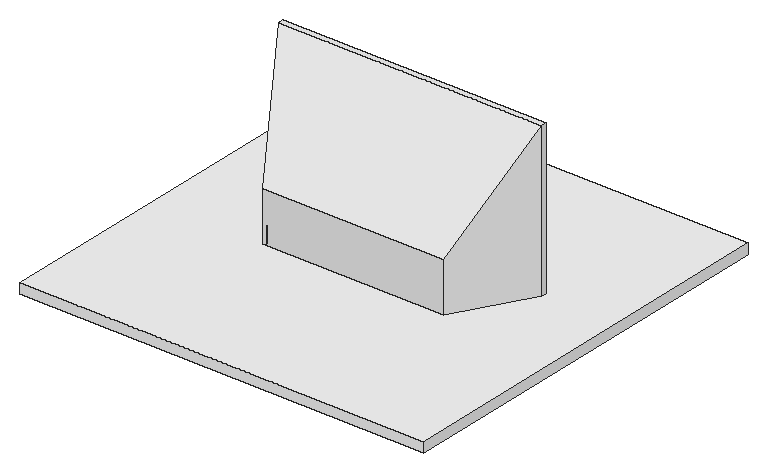
Revit family "BE_50200.1_de_DE", category Leuchten, Revit 2015
Parameters (values of type "BEGA_50200.1_K4")
  built-in parameter 1150104 = 11.882 (stored number, unit not read)
  Wattage = 16.5 W
  Default Elevation = 0 mm
  built-in parameter 1150113 = 1 (stored number, unit not read)
  built-in parameter 1114218 = 1 (stored number, unit not read)
  Umgebungstemperatur = "25 °C"
  URL = "http://www.bega.de/produkt/50200.1"
  Typenkommentare = "© 2017 BEGA. Wir behalten uns das Recht vor, technische Änderungen ohne vorherige Ankündigung vorzunehmen."  # constant formula
  built-in parameter 1150134 = 12
  built-in parameter 1150109 = 1 (stored number, unit not read)
  Strom = ""
  built-in parameter 1150110 = 1 (stored number, unit not read)
  Spannung = 239.996 V
  Sonderanfertigung = no
  Seriennummer [instance] = "Hier können Sie die eindeutige Seriennummer für das Facility Management eintragen."
  Schutzklasse = "I"
  Schutzart = "IP 65"
  Scheinlast = 0 VA
  Produktdatenblatt = "http://www.bega.de/download/Xrfa/db/50200.1.db.de.pdf"
  Oberflächentemperatur = ""
  Neigungswinkel = 0.00°
  Modell = "50200.1K4"
  Material_17 = BEGA_Reflektor
  Material_15 = BEGA_Leuchtmedium_matt
  Material_11 = BEGA_Glas_opal
  Material_09 = BEGA_Glas_klar
  Material_06 = BEGA_Oberfläche_Edelstahl_gebürstet
  Material_05 = BEGA_Oberfläche_Aluminium Guss
  Material_03 = BEGA_Oberfläche_Weiss_matt
  Material_02 = BEGA_Oberfläche_Silber_matt
  Material_01 [instance] = BEGA_Oberfläche_Grafit_matt
  M_W = no
  M_G = no
  M_A = no
  Logo = 0
  built-in parameter 1114217 = 1 (stored number, unit not read)
  built-in parameter 1150139 = (empty or 0)
  built-in parameter 1150105 = 167.94 (stored number, unit not read)
  built-in parameter 1150114 = 1 (stored number, unit not read)
  Lumens = 2110.35 lm
  built-in parameter 1150115 = 1 (stored number, unit not read)
  Leuchtenlichtstrom = "1784 lm"
  Leuchtenanzahl = ""
  Lebensdauerkriterien = "L70B50 @ 25 °C = 220000 h"
  Lastklassifizierung = Beleuchtung
  built-in parameter 1150112 = 1 (stored number, unit not read)
  Lampenlichtstrom = "2110 lm"
  Lampe = "LED 16.5 W"
  LED_Modulbezeichnung = "LED-0590/940 "
  Hersteller = "BEGA"  # constant formula
  Halbstreuwinkel = ""
  Gewicht = "1.7 kg"
  Gebrauchslageneinschränkung [instance] = ""
  Frequenz = "0/50-60 Hz"
  Farbwiedergabeindex = "Ra > 90"
  Farbtemperaturverschiebung bei Dämpfen der Lampe = <Keine Auswahl>
  Farbtemperatur = "4000 K"
  Color Filter = 16777215
  built-in parameter 1150133 = 10 (stored number, unit not read)
  Energieeffizienzklasse = "LED A++ - A"
  built-in parameter 1150137 = (empty or 0)
  built-in parameter 1150132 = (empty or 0)
  ENEC = ""
  Dimmbar [instance] = "DALI"
  Datei für fotometrisches Netz = "BE_50200K4.IES"
  CE_Konformität = "ja"
  Bestellnummer = "50200.1K4"
  Beschreibung_Sonderanfertigung = "Hier können Sie Informationen zur Sonderanfertigung eintragen."
  Beschreibung = "Wandfluter"
  built-in parameter 1150106 = 1.6794 (stored number, unit not read)
  Befestigungsbohrung = "Ø 4,5 mm"
  Befestigungsabstand = "190 mm"
  Ballwurfsicher = ""
  BEGA_Intern_aus = yes
  BEGA_Intern_an = yes
  BEGA_Intern_Konstruktion = yes
  BEGA_Intern = yes
  BEGA_IES = yes
  BEGA_Dummy = no
  Anschlussleitung = ""
  Anschlussleistung [instance] = "19.4 W"
  Anschlusskasten = ""
  built-in parameter 1150107 = 4000 (stored number, unit not read)
  built-in parameter 1150102 = (empty or 0)
  built-in parameter 1150138 = (empty or 0)
  Aktualisierung = "2017-07-18T04:09:01"
  Abstand_zur_angestrahlten_Fläche [instance] = ""
  AC/DC = "AC/DC"
Types (2, lengths in mm): name | built-in parameter 1150104 | built-in parameter 1150134 | Modell | built-in parameter 1150105 | Lumens | Leuchtenlichtstrom | Lampenlichtstrom | LED_Modulbezeichnung | Farbtemperatur | Datei für fotometrisches Netz | Bestellnummer | built-in parameter 1150106 | built-in parameter 1150107
  BEGA_50200.1_K4 | 11.882 (stored number, unit not read) | 12 | "50200.1K4" | 167.94 (stored number, unit not read) | 2110.35 lm | "1784 lm" | "2110 lm" | "LED-0590/940 " | "4000 K" | "BE_50200K4.IES" | "50200.1K4" | 1.6794 (stored number, unit not read) | 4000 (stored number, unit not read)
  BEGA_50200.1_K3 | 11.483 (stored number, unit not read) | (empty or 0) | "50200.1" | 162.29 (stored number, unit not read) | 2039.4 lm | "1725 lm" | "2040 lm" | "LED-0590/930 " | "3000 K" | "BE_50200.IES" | "50200.1" | 1.6229 (stored number, unit not read) | 3000 (stored number, unit not read)
Reference planes
  plane 1 "Mitte (Vorne/Hinten)": y = 0
  plane 2: z = 0
  plane 3 "Mitte (Links/Rechts)": x = 0
  plane 4 "Links": x = -129.913
  plane 5 "Rechts": x = 129.913
  plane 6 "Unten": y = -38
  plane 7 "Oben": y = 39.8
  plane 8 "Vorne": z = 152.913
  plane 9 "Hinten": z = 0
Forms (mm)
  Extrusion 1, solid, material "BEGA_Platte_Weiss"
    sketch origin (0, -1119.2, 0) x (1, 0, 0) y (0, 1, 0)
      loop
        line (-200, 1319.2) -> (-200, 919.2) -> (200, 919.2) -> (200, 1319.2) -> (-200, 1319.2)
    from 0 to -10
  Extrusion 2, solid, material "BEGA_Dummy_matt", visible <- "BEGA_Dummy"
    sketch origin (80.095, -76.023, 0) x (1, 0, 0) y (0, 1, 0)
      loop
        line (-210.008, 115.823) -> (-210.008, 38.023) -> (49.817, 38.023) -> (49.817, 115.823) -> (-210.008, 115.823)
    from 0 to 152.913
Dimensions and locks
  plane 1 "Mitte (Vorne/Hinten)" to Extrusion 1 = 200 mm
  aligned and locked: plane 2 to Extrusion 1
  aligned and locked: level to Extrusion 1
Nested families
  nested 1: "BE_50200.1" at (0, 0, 0), type "BE_50200.1"
Connectors
  electrical at (0, 0, 0), driven by "Lastklassifizierung", driven by "Spannung", driven by "Scheinlast"
    settings: index 1, voltage 239.996 V, apparent load 0 VA, apparent load phase1 0 VA, apparent load phase2 0 VA, apparent load phase3 0 VA, power factor 1, load classification "Beleuchtung", number of poles 1, system type 31, power factor state 1, is connector primary yes, connector utility no, sub classification motor no, connector description ""
Definition of nested family "BE_50200.1"
  Parameters (values of type "BE_50200.1")
    Default Elevation = 1 mm
    URL = "http://www.bega.de/de/produkt"
    Type Comments = "© 2015 BEGA. Wir behalten uns das Recht vor, technische Änderungen ohne vorherige Ankündigung vorzunehmen. "  # constant formula
    Type Image = (empty or 0)
    Neigungswinkel_um_Z2 = 0.00°
    Neigungswinkel_um_Z1 = 0.00°
    Neigungswinkel_um_Y2 = 0.00°
    Neigungswinkel_um_Y1 = 0.00°
    Neigungswinkel_um_X2 = 0.00°
    Neigungswinkel_um_X1 = 0.00°
    Material_17 = none
    Material_15 = none
    Material_11 = none
    Material_09 = none
    Material_06 = none
    Material_05 = none
    Material_03 = none
    Material_02 = none
    Material_01 = none
    M_W = yes
    M_G = yes
    M_A = yes
    Länge_Platte = 400 mm  # constant formula
    Höhe_Platte = -10 mm  # constant formula
    Manufacturer = "BEGA"  # constant formula
    Drehwinkel_um_Z2 = 0.00°
    Drehwinkel_um_Z1 = 0.00°
    Breite_Platte = 200 mm  # constant formula
  Reference planes
    plane 1 "Mitte (Oben/Unten)": y = 0
    plane 2: z = 0
    plane 3 "Mitte (Links/Rechts)": x = 0
    plane 4: x = -129.913
    plane 5: x = 129.913
    plane 6: z = 152.913
    plane 7: y = -38
    plane 8: y = 39.8
  Forms (mm)
    Extrusion 1, solid, detail levels medium
      sketch origin (0, 0, 0) x (1, 0, 0) y (0, 1, 0)
        loop
          line (-200, 100) -> (-200, -100) -> (200, -100) -> (200, 100) -> (-200, 100)
      from 0 to -10 <- "Höhe_Platte"
    Extrusion 2, solid, material <- "Material_03", detail levels medium+fine
      sketch origin (0, 0, 0) x (0, 1, 0) y (0, 0, 1)
        loop
          line (-38, 2) -> (38, 2) -> (38, 152.913) -> (33.061, 152.913) -> (-38, 50.56) -> (-38, 2)
      from -129.913 to 129.913
    Extrusion 3, void
      sketch origin (0, 0, 0) x (1, 0, 0) y (0, 1, 0)
        loop
          line (-133.346, 39.188) -> (-133.346, -41.243) -> (-87.586, -41.243) -> (-133.346, 39.188)
        loop
          line (133.346, 39.188) -> (87.586, -41.243) -> (133.346, -41.243) -> (133.346, 39.188)
      from 0 to 155.937
    Blend 4, void
      base sketch origin (0, -36.301, 2) x (0, -1, 0) y (1, 0, 0)
        loop
          line (-0.439, -79.142) -> (-0.439, 79.142) -> (-70.439, 118.968) -> (-70.439, -118.968) -> (-0.439, -79.142)
      top sketch origin (0, 35.5, 152.913) x (0, -1, 0) y (1, 0, 0)
        loop
          line (9.992, -117.578) -> (9.992, 117.578) -> (1.362, 117.578) -> (1.362, -117.578) -> (9.992, -117.578)
      from 0 to -12.516
    Extrusion 5, solid, material <- "Material_03", detail levels medium+fine
      sketch origin (0, 0, 0) x (1, 0, 0) y (0, 1, 0)
        loop
          line (-85.604, -33.242) -> (85.604, -33.242) -> (122.064, 30.842) -> (-122.064, 30.842) -> (-85.604, -33.242)
        loop
          line (-84.092, -30.642) -> (84.092, -30.642) -> (117.593, 28.242) -> (-117.593, 28.242) -> (-84.092, -30.642)
      from 0 to 36.849
    Extrusion 6, solid, material <- "Material_03", detail levels medium+fine
      sketch origin (0, 0, 0) x (1, 0, 0) y (0, 1, 0)
        loop
          line (-87.084, -30.642) -> (84.092, -30.642) -> (117.593, 28.242) -> (-120.584, 28.242) -> (-87.084, -30.642)
      from 8 to 11
    Extrusion 7, void
      sketch origin (0, 0, 0) x (0, 1, 0) y (0, 0, 1)
        loop
          line (32.601, 151) -> (32.601, 40.129) -> (38.951, 40.129) -> (38.951, 151) -> (32.601, 151)
      from -127.703 to 127.391
    Extrusion 8, solid, material <- "Material_17", detail levels medium+fine
      sketch origin (0, 0, 0) x (0, 1, 0) y (0, 0, 1)
        loop
          line (33.8, 53.994) -> (18.318, 59.631) -> (33.6, 138.286) -> (33.6, 145.996) -> (32.778, 145.996) -> (32.778, 137.967) -> (17.453, 59.147) -> (33, 53.489) -> (33, 45.695) -> (33.8, 45.695) -> (33.8, 53.994)
      from -117.578 to 117.578
    Extrusion 9, solid, material <- "Material_15", detail levels medium+fine
      sketch origin (0, 0, 0) x (1, 0, 0) y (0, 0, 1)
        loop
          line (27.973, 90.445) -> (27.973, 101.445) -> (-28.08, 101.445) -> (-28.08, 90.445) -> (27.973, 90.445)
      from -10.824 to -9.8
    Extrusion 10, solid, material <- "Material_09", detail levels medium+fine
      sketch origin (0, 0, 0) x (0, 1, 0) y (0, 0, 1)
        loop
          line (33.8, 40.129) -> (39.8, 40.129) -> (39.8, 150.85) -> (33.8, 150.85) -> (33.8, 40.129)
      from -127.703 to 127.391
    Extrusion 11, solid, material <- "Material_03", detail levels medium+fine
      sketch origin (0, 0, 0) x (0, 1, 0) y (0, 0, 1)
        loop
          line (33.8, 45.695) -> (29.088, 45.695) -> (29.088, 35.573) -> (33.8, 35.573) -> (33.8, 45.695)
      from -127.517 to 127.391
    Extrusion 12, void
      sketch origin (0, 0, 0) x (1, 0, 0) y (0, 1, 0)
        loop
          circle (-95, -4.4) r 2.75
        loop
          circle (95, -4.4) r 2.75
        loop
          circle (-70, 13.6) r 8.5
        loop
          circle (-70, -13.4) r 8.5
      from 0 to 15
    Extrusion 13, void
      sketch origin (0, -36.301, 2) x (0, -1, 0) y (1, 0, 0)
        loop
          line (-0.425, 78.067) -> (-0.425, 86.66) -> (-70.439, 126.494) -> (-70.439, 117.901) -> (-0.425, 78.067)
      from 0 to 22.216
    Extrusion 14, void
      sketch origin (0, -36.301, 2) x (0, -1, 0) y (1, 0, 0)
        loop
          line (-0.425, -78.067) -> (-70.439, -117.901) -> (-70.439, -126.494) -> (-0.425, -86.66) -> (-0.425, -78.067)
      from 0 to 22.216
    Extrusion 15, void
      sketch origin (0, 0, 0) x (1, 0, 0) y (0, 0, 1)
        loop
          line (-100.787, 28.5) -> (-100.787, 26.5)
          arc (-100.787, 26.5) -> (-97.613, 23.326) -> (-94.438, 26.5) r 3.174
          line (-94.438, 26.5) -> (-94.438, 28.5)
          arc (-94.438, 28.5) -> (-97.613, 31.674) -> (-100.787, 28.5) r 3.174
        loop
          arc (100.787, 28.5) -> (97.613, 31.674) -> (94.438, 28.5) r 3.174
          line (94.438, 28.5) -> (94.438, 26.5)
          arc (94.438, 26.5) -> (97.613, 23.326) -> (100.787, 26.5) r 3.174
          line (100.787, 26.5) -> (100.787, 28.5)
      from -38.951 to -27.699
    Extrusion 16, solid, material <- "Material_17", detail levels medium+fine
      sketch origin (2.039, 8.542, 0) x (0.996778, 0.080212, 0) y (-0.080212, 0.996778, 0)
        loop
          line (-9.666, 6.894) -> (-117.275, 34.79) -> (-117.522, 33.837) -> (-9.904, 5.94) -> (-9.666, 6.894)
      from 52.545 to 138.286
    Extrusion 17, solid, material <- "Material_17", detail levels medium+fine
      sketch origin (-2.039, 8.542, 0) x (-0.996778, 0.080212, 0) y (-0.080212, -0.996778, 0)
        loop
          line (-9.666, -6.894) -> (-9.904, -5.94) -> (-117.476, -33.825) -> (-117.229, -34.778) -> (-9.666, -6.894)
      from 52.545 to 138.286
    Extrusion 18, solid, material <- "Material_17", detail levels medium+fine
      sketch origin (-2.039, 8.542, 0) x (-0.996778, 0.080212, 0) y (-0.080212, -0.996778, 0)
        loop
          line (-9.666, -6.894) -> (-9.904, -5.94) -> (-117.522, -33.837) -> (-117.275, -34.79) -> (-9.666, -6.894)
      from 52.545 to 138.286
    Extrusion 19, void
      sketch origin (0, 0, 0) x (0, 1, 0) y (0, 0, 1)
        loop
          line (18.092, 58.592) -> (31.76, 53.618) -> (31.76, 55.33) -> (18.56, 59.876) -> (18.092, 58.592)
      from -28.08 to 27.973
    Extrusion 20, solid, material <- "Material_15", detail levels medium+fine
      sketch origin (0, 0, 0) x (0, 1, 0) y (0, 0, 1)
        loop
          line (18.345, 58.522) -> (18.032, 57.663) -> (30.343, 53.424) -> (30.655, 54.283) -> (18.345, 58.522)
      from -27.678 to 27.575
    Extrusion 21, void
      sketch origin (0, 0, 0) x (0, 1, 0) y (0, 0, 1)
        loop
          line (26.389, 140.604) -> (11.162, 140.604) -> (11.162, 118.67) -> (26.389, 140.604)
      from -94.438 to 122.064
  Cuts and joins
    Extrusion 3, Blend 4, Extrusion 7, Extrusion 13, Extrusion 14, Extrusion 15 cuts Extrusion 2
    Extrusion 14, Extrusion 15, Extrusion 21 cuts Extrusion 11
    joined: Extrusion 2, Extrusion 11
    Extrusion 12, Extrusion 14, Extrusion 15 cuts Extrusion 5
    Extrusion 12, Extrusion 15 cuts Extrusion 6
    joined: Extrusion 5, Extrusion 6
    Extrusion 3, Extrusion 12, Extrusion 19, Extrusion 21 cuts Extrusion 8
    Extrusion 21 cuts Extrusion 16
    Extrusion 21 cuts Extrusion 17
    Extrusion 21 cuts Extrusion 18
    joined: Extrusion 8, Extrusion 16, Extrusion 17, Extrusion 18
  Dimensions and locks
    equal spacing: Extrusion 1 sketch curve, plane 3 "Mitte (Links/Rechts)", Extrusion 1 sketch curve
    equal spacing: Extrusion 1 sketch curve, plane 1 "Mitte (Oben/Unten)", Extrusion 1 sketch curve
    "Länge_Platte": Extrusion 1 sketch curve to Extrusion 1 sketch curve
    "Breite_Platte": Extrusion 1 sketch curve to Extrusion 1 sketch curve
    aligned and locked: plane 2 to Extrusion 1
    aligned and locked: level to Extrusion 1
  Automatic sketch dimensions
    Extrusion 2 sketch curve to plane 7 = 0 mm
    Extrusion 2 sketch curve to plane 6 = 0 mm
    Extrusion 2 sketch curve to plane 8 = 6.739 mm
    Extrusion 2 sketch curve to plane 8 = 1.8 mm
    level to Extrusion 2 sketch curve = 50.56 mm
    level to Extrusion 2 sketch curve = 2 mm
    Extrusion 3 sketch curve to plane 4 = 3.433 mm
    Extrusion 3 sketch curve to plane 7 = 3.243 mm  (x2)
    plane 4 to Extrusion 3 sketch curve = 42.327 mm
    plane 5 to Extrusion 3 sketch curve = 42.327 mm
    Extrusion 3 sketch curve to plane 5 = 3.433 mm
    Extrusion 3 sketch curve to plane 8 = 0.612 mm  (x2)
    Extrusion 2 to Blend 4 sketch curve = 3.862 mm
    Blend 4 sketch curve to Extrusion 2 = 2.138 mm
    Blend 4 sketch curve to Extrusion 2 = 10.945 mm  (x2)
    Blend 4 sketch curve to Extrusion 2 = 50.77 mm  (x2)
    Blend 4 sketch curve to Extrusion 2 = 1.077 mm
    Extrusion 2 to Blend 4 sketch curve = 7.553 mm
    Extrusion 2 to Blend 4 sketch curve = 12.335 mm  (x2)
    plane 4 to Extrusion 5 sketch curve = 7.849 mm
    Extrusion 5 sketch curve to Extrusion 5 sketch curve = 4.471 mm  (x2)
    plane 7 to Extrusion 5 sketch curve = 4.758 mm
    plane 4 to Extrusion 5 sketch curve = 44.308 mm
    Extrusion 5 sketch curve to Extrusion 5 sketch curve = 1.512 mm  (x2)
    plane 7 to Extrusion 5 sketch curve = 7.358 mm
    plane 5 to Extrusion 5 sketch curve = 45.82 mm
    plane 5 to Extrusion 5 sketch curve = 12.32 mm
    Extrusion 5 sketch curve to plane 8 = 11.558 mm
    Extrusion 5 sketch curve to Extrusion 5 sketch curve = 2.6 mm
    plane 4 to Extrusion 6 sketch curve = 9.328 mm
    plane 7 to Extrusion 6 sketch curve = 7.358 mm
    plane 4 to Extrusion 6 sketch curve = 42.829 mm
    plane 5 to Extrusion 6 sketch curve = 45.82 mm
    plane 5 to Extrusion 6 sketch curve = 12.32 mm
    Extrusion 6 sketch curve to plane 8 = 11.558 mm
    Extrusion 7 sketch curve to plane 8 = 7.199 mm
    Extrusion 7 sketch curve to plane 8 = 0.849 mm
    level to Extrusion 7 sketch curve = 40.129 mm
    Extrusion 7 sketch curve to plane 6 = 1.913 mm
    Extrusion 8 sketch curve to plane 1 "Mitte (Oben/Unten)" = 17.453 mm
    Extrusion 8 sketch curve to Extrusion 8 sketch curve = 0.865 mm
    Extrusion 8 sketch curve to plane 8 = 7.022 mm
    Extrusion 8 sketch curve to plane 8 = 6.8 mm
    Extrusion 8 sketch curve to Extrusion 8 sketch curve = 0.822 mm
    Extrusion 8 sketch curve to Extrusion 8 sketch curve = 0.8 mm
    level to Extrusion 8 sketch curve = 45.695 mm
    Extrusion 8 sketch curve to Extrusion 8 sketch curve = 7.793 mm
    Extrusion 8 sketch curve to Extrusion 8 sketch curve = 0.506 mm
    Extrusion 8 sketch curve to Extrusion 8 sketch curve = 5.659 mm
    Extrusion 8 sketch curve to Extrusion 8 sketch curve = 0.483 mm
    Extrusion 8 sketch curve to plane 6 = 14.946 mm
    Extrusion 8 sketch curve to Extrusion 8 sketch curve = 0.319 mm
    Extrusion 8 sketch curve to plane 6 = 6.917 mm
    Extrusion 9 sketch curve to plane 3 "Mitte (Links/Rechts)" = 28.08 mm
    plane 3 "Mitte (Links/Rechts)" to Extrusion 9 sketch curve = 27.973 mm
    Extrusion 9 sketch curve to plane 6 = 62.467 mm
    Extrusion 9 sketch curve to Extrusion 9 sketch curve = 11 mm
    Extrusion 10 sketch curve to plane 8 = 0 mm
    Extrusion 10 sketch curve to Extrusion 10 sketch curve = 6 mm
    level to Extrusion 10 sketch curve = 40.129 mm
    Extrusion 10 sketch curve to plane 6 = 2.063 mm
    Extrusion 11 sketch curve to plane 8 = 10.712 mm
    Extrusion 11 sketch curve to Extrusion 11 sketch curve = 4.712 mm
    level to Extrusion 11 sketch curve = 35.573 mm
    Extrusion 11 sketch curve to Extrusion 11 sketch curve = 10.122 mm
    plane 1 "Mitte (Oben/Unten)" to Extrusion 12 sketch curve = 4.4 mm  (x2)
    plane 4 to Extrusion 12 sketch curve = 34.913 mm
    Extrusion 12 sketch curve to plane 1 "Mitte (Oben/Unten)" = 13.6 mm
    Extrusion 12 sketch curve to Extrusion 12 sketch curve = 25 mm  (x2)
    plane 5 to Extrusion 12 sketch curve = 34.913 mm
    plane 1 "Mitte (Oben/Unten)" to Extrusion 12 sketch curve = 13.4 mm
    Extrusion 2 to Extrusion 13 sketch curve = 3.862 mm
    Extrusion 13 sketch curve to Extrusion 2 = 2.123 mm
    Extrusion 13 sketch curve to Extrusion 2 = 51.846 mm
    Extrusion 13 sketch curve to Extrusion 13 sketch curve = 8.593 mm
    Extrusion 13 sketch curve to Extrusion 2 = 12.012 mm
    Extrusion 13 sketch curve to Extrusion 2 = 3.419 mm
    Extrusion 2 to Extrusion 14 sketch curve = 3.862 mm
    Extrusion 14 sketch curve to Extrusion 2 = 2.123 mm
    Extrusion 14 sketch curve to Extrusion 2 = 3.419 mm
    Extrusion 14 sketch curve to Extrusion 14 sketch curve = 8.593 mm  (x2)
    Extrusion 14 sketch curve to Extrusion 2 = 43.253 mm
    plane 4 to Extrusion 15 sketch curve = 29.126 mm
    Extrusion 15 sketch curve to Extrusion 15 sketch curve = 3.174 mm  (x2)
    plane 5 to Extrusion 15 sketch curve = 35.474 mm
    level to Extrusion 15 sketch curve = 26.5 mm  (x2)
    Extrusion 15 sketch curve to Extrusion 15 sketch curve = 2 mm  (x2)
    Extrusion 16 sketch curve to plane 8 = 6.957 mm
    plane 4 to Extrusion 16 sketch curve = 12.095 mm
    Extrusion 16 sketch curve to Extrusion 16 sketch curve = 0.247 mm
    Extrusion 16 sketch curve to Extrusion 16 sketch curve = 107.618 mm
    Extrusion 16 sketch curve to Extrusion 16 sketch curve = 0.238 mm
    Extrusion 16 sketch curve to Extrusion 16 sketch curve = 26.943 mm
    plane 8 to Extrusion 17 sketch curve = 6.965 mm
    Extrusion 17 sketch curve to plane 5 = 12.142 mm
    Extrusion 17 sketch curve to Extrusion 17 sketch curve = 0.247 mm
    Extrusion 17 sketch curve to Extrusion 17 sketch curve = 107.572 mm
    Extrusion 17 sketch curve to Extrusion 17 sketch curve = 0.238 mm
    Extrusion 17 sketch curve to Extrusion 17 sketch curve = 26.931 mm
    plane 8 to Extrusion 18 sketch curve = 6.957 mm
    Extrusion 18 sketch curve to plane 5 = 12.095 mm
    Extrusion 18 sketch curve to Extrusion 18 sketch curve = 0.247 mm
    Extrusion 18 sketch curve to Extrusion 18 sketch curve = 107.618 mm
    Extrusion 18 sketch curve to Extrusion 18 sketch curve = 0.238 mm
    Extrusion 18 sketch curve to Extrusion 18 sketch curve = 26.943 mm
    Extrusion 19 sketch curve to plane 1 "Mitte (Oben/Unten)" = 18.092 mm
    Extrusion 19 sketch curve to Extrusion 19 sketch curve = 0.467 mm
    Extrusion 19 sketch curve to plane 8 = 8.04 mm
    level to Extrusion 19 sketch curve = 53.618 mm
    Extrusion 19 sketch curve to Extrusion 19 sketch curve = 1.713 mm
    Extrusion 19 sketch curve to Extrusion 19 sketch curve = 3.262 mm
    level to Extrusion 20 sketch curve = 58.522 mm
    Extrusion 20 sketch curve to Extrusion 20 sketch curve = 0.313 mm  (x2)
    Extrusion 20 sketch curve to Extrusion 20 sketch curve = 12.311 mm
    Extrusion 20 sketch curve to plane 8 = 9.457 mm
    Extrusion 20 sketch curve to Extrusion 20 sketch curve = 0.859 mm  (x2)
    Extrusion 20 sketch curve to Extrusion 20 sketch curve = 4.239 mm
    Extrusion 21 sketch curve to plane 1 "Mitte (Oben/Unten)" = 11.162 mm
    Extrusion 21 sketch curve to plane 8 = 13.411 mm
    Extrusion 21 sketch curve to plane 6 = 34.242 mm
    Extrusion 21 sketch curve to plane 6 = 12.309 mm
    radius of Extrusion 12 sketch curve = 2.75 mm  (x2)
    radius of Extrusion 12 sketch curve = 8.5 mm  (x2)
